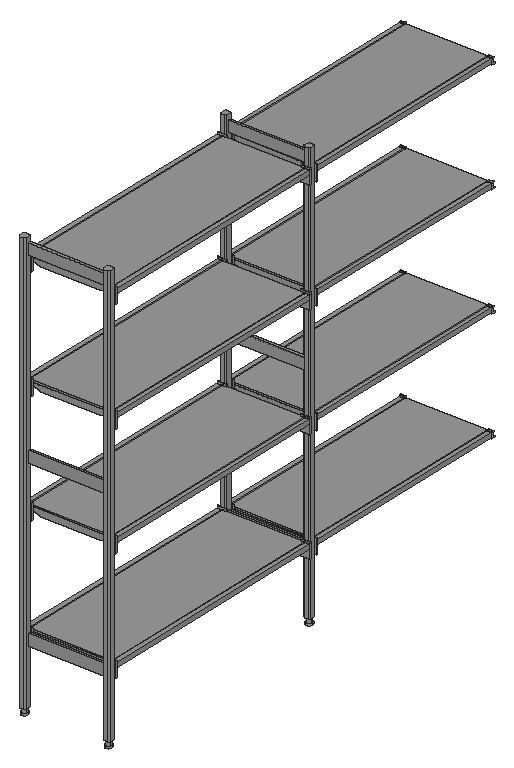
Revit family "QF_ZANUSSI_137063_ACS1928", category Attrezzature speciali, Revit 2020 (continued)
Definition of nested family "WT_Aggancio373"
  Dimensions and locks
    "Height": plane 5 "TOP" to level
    "Depth": plane 3 "BACK" to plane 4 "FRONT"
    "Dint": plane 7 to plane 8
    equal spacing: plane 7, plane 6 "Center (Front/Back)", plane 8
    equal spacing: plane 3 "BACK", plane 6 "Center (Front/Back)", plane 4 "FRONT"
    plane 9 "FEET" to level = 25.0 mm
    plane 5 "TOP" to plane 9 "FEET" = 1700.0 mm
    plane 10 to plane 9 "FEET" = 250.0 mm
    plane 11 to plane 10 = 450.0 mm
    plane 12 to plane 11 = 450.0 mm
    plane 13 to plane 12 = 450.0 mm
    locked: plane 3 "BACK" to plane 15 "CYBack" at 17.5
    locked: plane 16 "CYFront" to plane 4 "FRONT" at 17.5
    aligned and locked: level to plane 1
    aligned and locked: Extrusion 1 sketch curve to Extrusion 1 sketch curve  (x3)
  Automatic sketch dimensions
    plane 16 "CYFront" to Extrusion 1 sketch curve = 1.478 mm  (x4)
    Extrusion 1 sketch curve to Extrusion 1 sketch curve = 2.0 mm
    plane 8 to Extrusion 1 sketch curve = 3.478 mm  (x4)
    Extrusion 1 sketch curve to plane 10 = 4.006 mm
    Extrusion 1 sketch curve to Extrusion 1 sketch curve = 34.0 mm  (x4)
    Extrusion 1 sketch curve to plane 11 = 4.006 mm
    Extrusion 1 sketch curve to plane 12 = 4.006 mm
    Extrusion 1 sketch curve to plane 13 = 4.006 mm
    Extrusion 1 sketch curve to plane 7 = 37.522 mm  (x4)
    Extrusion 1 sketch curve to plane 7 = 3.522 mm  (x4)
    plane 14 to Extrusion 1 sketch curve = 3.516 mm  (x4)
    plane 14 to Extrusion 1 sketch curve = 1.522 mm  (x4)
    plane 10 to Extrusion 1 sketch curve = 7.998 mm  (x2)
    Extrusion 1 sketch curve to Extrusion 1 sketch curve = 11.498 mm  (x4)
    Extrusion 1 sketch curve to Extrusion 1 sketch curve = 6.499 mm  (x8)
    plane 11 to Extrusion 1 sketch curve = 7.998 mm  (x2)
    plane 12 to Extrusion 1 sketch curve = 7.998 mm  (x2)
    plane 13 to Extrusion 1 sketch curve = 7.998 mm  (x2)
    plane 2 "LEFT" to Extrusion 2 sketch curve = 0.0 mm  (x4)
    plane 13 to Extrusion 2 sketch curve = 7.996 mm
    plane 11 to Extrusion 2 sketch curve = 7.996 mm
    Extrusion 2 sketch curve to Extrusion 2 sketch curve = 5.0 mm  (x4)
    plane 11 to Extrusion 2 sketch curve = 2.494 mm
    plane 10 to Extrusion 2 sketch curve = 28.996 mm
    Extrusion 2 sketch curve to Extrusion 2 sketch curve = 3.0 mm  (x4)
    plane 10 to Extrusion 2 sketch curve = 7.996 mm
    plane 10 to Extrusion 2 sketch curve = 2.494 mm
    Extrusion 2 sketch curve to Extrusion 2 sketch curve = 18.0 mm  (x3)
    plane 12 to Extrusion 2 sketch curve = 2.494 mm
    plane 12 to Extrusion 2 sketch curve = 7.996 mm
    plane 13 to Extrusion 2 sketch curve = 2.494 mm
    plane 2 "LEFT" to Extrusion 3 sketch curve = 0.0 mm  (x4)
    plane 13 to Extrusion 3 sketch curve = 7.996 mm
    plane 11 to Extrusion 3 sketch curve = 7.996 mm
    Extrusion 3 sketch curve to Extrusion 3 sketch curve = 5.0 mm  (x4)
    plane 11 to Extrusion 3 sketch curve = 2.494 mm
    plane 10 to Extrusion 3 sketch curve = 28.996 mm
    Extrusion 3 sketch curve to Extrusion 3 sketch curve = 3.0 mm  (x4)
    plane 10 to Extrusion 3 sketch curve = 7.996 mm
    plane 10 to Extrusion 3 sketch curve = 2.494 mm
    Extrusion 3 sketch curve to Extrusion 3 sketch curve = 18.0 mm  (x3)
    plane 12 to Extrusion 3 sketch curve = 2.494 mm
    plane 12 to Extrusion 3 sketch curve = 7.996 mm
    plane 13 to Extrusion 3 sketch curve = 2.494 mm
    plane 2 "LEFT" to curve 1 = 5.0 mm
    plane 2 "LEFT" to curve 7 = 5.0 mm
    curve 1 to plane 16 "CYFront" = 17.5 mm
    curve 3 to plane 8 = 12.522 mm
    plane 7 to curve 5 = 12.478 mm
    curve 7 to plane 14 = 17.5 mm
    curve 5 to curve 5 = 4.0 mm
    curve 1 to curve 4 = 4.0 mm
    Extrusion 2 sketch curve to Extrusion 2 sketch curve = 4.0 mm  (x4)
    Extrusion 2 sketch curve to Extrusion 2 sketch curve = 8.969 mm  (x4)
    Extrusion 3 sketch curve to Extrusion 3 sketch curve = 4.0 mm  (x4)
    Extrusion 3 sketch curve to Extrusion 3 sketch curve = 8.969 mm  (x4)
